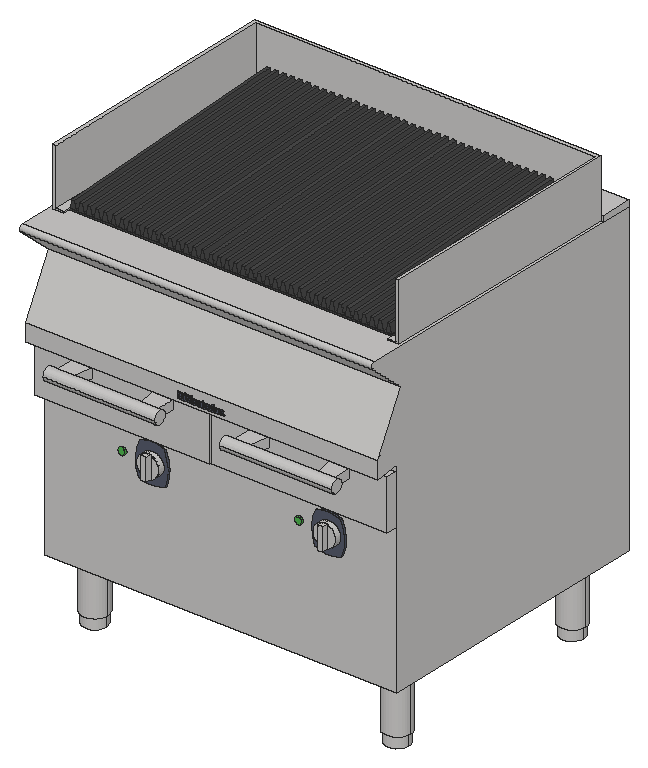
Revit family "QF_ELECTROLUXPROFESSIONAL_371242_E7GREHGCFU", category Specialty Equipment, Revit 2018 (continued)
Nested families
  nested 30: "371065_QF_Electrolux_GRILL" at (550.339, -76.2, 850.769), type "371065_QF_Electrolux_GRILL"
    with Type Mark "", Specification by User "", Revision Code "", Item Number "", Installed By "", Identify Quantity as Lot yes, Furnished By "", Foodservice Equipment Identifier yes
  nested 31: "371065_QF_Electrolux_GRILL" at (568.729, -76.2, 850.769), type "371065_QF_Electrolux_GRILL"
    with Type Mark "", Specification by User "", Revision Code "", Item Number "", Installed By "", Identify Quantity as Lot yes, Furnished By "", Foodservice Equipment Identifier yes
  nested 32: "371065_QF_Electrolux_GRILL" at (587.12, -76.2, 850.769), type "371065_QF_Electrolux_GRILL"
    with Type Mark "", Specification by User "", Revision Code "", Item Number "", Installed By "", Identify Quantity as Lot yes, Furnished By "", Foodservice Equipment Identifier yes
  nested 33: "371065_QF_Electrolux_GRILL" at (605.51, -76.2, 850.769), type "371065_QF_Electrolux_GRILL"
    with Type Mark "", Specification by User "", Revision Code "", Item Number "", Installed By "", Identify Quantity as Lot yes, Furnished By "", Foodservice Equipment Identifier yes
  nested 34: "371065_QF_Electrolux_GRILL" at (623.901, -76.2, 850.769), type "371065_QF_Electrolux_GRILL"
    with Type Mark "", Specification by User "", Revision Code "", Item Number "", Installed By "", Identify Quantity as Lot yes, Furnished By "", Foodservice Equipment Identifier yes
  nested 35: "371065_QF_Electrolux_GRILL" at (642.291, -76.2, 850.769), type "371065_QF_Electrolux_GRILL"
    with Type Mark "", Specification by User "", Revision Code "", Item Number "", Installed By "", Identify Quantity as Lot yes, Furnished By "", Foodservice Equipment Identifier yes
  nested 36: "371065_QF_Electrolux_GRILL" at (660.681, -76.2, 850.769), type "371065_QF_Electrolux_GRILL"
    with Type Mark "", Specification by User "", Revision Code "", Item Number "", Installed By "", Identify Quantity as Lot yes, Furnished By "", Foodservice Equipment Identifier yes
  nested 37: "371065_QF_Electrolux_GRILL" at (679.072, -76.2, 850.769), type "371065_QF_Electrolux_GRILL"
    with Type Mark "", Specification by User "", Revision Code "", Item Number "", Installed By "", Identify Quantity as Lot yes, Furnished By "", Foodservice Equipment Identifier yes
  nested 38: "371065_QF_Electrolux_GRILL" at (697.462, -76.2, 850.769), type "371065_QF_Electrolux_GRILL"
    with Type Mark "", Specification by User "", Revision Code "", Item Number "", Installed By "", Identify Quantity as Lot yes, Furnished By "", Foodservice Equipment Identifier yes
  nested 39: "371065_QF_Electrolux_GRILL" at (715.853, -76.2, 850.769), type "371065_QF_Electrolux_GRILL"
    with Type Mark "", Specification by User "", Revision Code "", Item Number "", Installed By "", Identify Quantity as Lot yes, Furnished By "", Foodservice Equipment Identifier yes
  nested 40: "371065_QF_Electrolux_GRILL" at (734.243, -76.2, 850.769), type "371065_QF_Electrolux_GRILL"
    with Type Mark "", Specification by User "", Revision Code "", Item Number "", Installed By "", Identify Quantity as Lot yes, Furnished By "", Foodservice Equipment Identifier yes
Connectors
  electrical at (757.238, -466.725, 150), driven by "Volts", driven by "Watts"
    settings: on Extrusion 7, index 1, voltage 400 V, apparent load 12000 VA, apparent load phase1 0 VA, apparent load phase2 0 VA, apparent load phase3 0 VA, power factor 1, load classification "Other", number of poles 1, system type 30, power factor state 1, is connector primary yes, connector utility no, sub classification motor no, connector description "Electrical Connection"
Definition of nested family "371065_QF_Electrolux_GRILL"
  Parameters
    Weight in Pounds = 0
    URL Cutsheet = ""
    URL = ""
    Type Mark [instance] = ""
    Specification by User [instance] = ""
    Specification by Manufacturer = ""
    Serial Number = ""
    Seismic Rating = ""
    SMACNA No = ""
    Revision Code [instance] = ""
    Omniclass Number and Title = ""
    NAFEM Spec ID Number = ""
    Model = ""
    Masterspec = ""
    Manufacturer = ""
    Item Number [instance] = ""
    Installed By [instance] = ""
    Identify Quantity as Lot [instance] = yes
    Furnished By [instance] = ""
    Foodservice Equipment Identifier [instance] = yes
    Description = ""
    CSI MasterFormat = ""
    CSI Master Format = ""
    Assembly Code = ""
  Reference planes
    plane 1 "BACK": y = 0
    plane 2: z = 0
    plane 3 "LEFT": x = 0
    plane 4 "RIGHT": x = 12.7
    plane 5 "FRONT": y = -553.21
    plane 6 "TOP": z = 19.576
    plane 7 "Center Y": x = 6.35
    plane 8 "Center X": y = -276.605
  Forms (mm)
    Extrusion 1, solid
      sketch origin (-1.421, -500.379, -5.797) x (1, 0, 0) y (0, -0.050999, 0.998699)
        loop
          line (1.421, 12.7) -> (14.121, 12.7) -> (11.081, 32.276) -> (4.46, 32.276) -> (1.421, 12.7)
      from 52.345 to -501.68
  Lines and regions (mm)
    symbolic lines
      curve 1: line (0, 0, 0) -> (12.7, 0, 0)
      curve 2: line (0, -553.304, 0) -> (0, 0, 0)
      curve 3: line (12.7, -553.304, 0) -> (0, -553.304, 0)
      curve 4: line (12.7, 0, 0) -> (12.7, -553.304, 0)
  Dimensions and locks
    equal spacing: plane 3 "LEFT", plane 7 "Center Y", plane 4 "RIGHT"
    plane 3 "LEFT" to plane 4 "RIGHT" = 12.7 mm
    equal spacing: plane 5 "FRONT", plane 8 "Center X", plane 1 "BACK"
    plane 5 "FRONT" to plane 1 "BACK" = 553.21 mm
    plane 6 "TOP" to level = 19.576 mm
    plane 1 "BACK" to plane 5 "FRONT" = 553.21 mm
    aligned and locked: level to plane 2
  Automatic sketch dimensions
    Extrusion 1 sketch curve to plane 3 "LEFT" = 0 mm
    Extrusion 1 sketch curve to plane 4 "RIGHT" = 0 mm
    plane 3 "LEFT" to Extrusion 1 sketch curve = 3.039 mm
    Extrusion 1 sketch curve to plane 4 "RIGHT" = 3.039 mm
    Extrusion 1 sketch curve to Extrusion 1 sketch curve = 19.576 mm
    curve 3 to plane 3 "LEFT" = 0 mm
    curve 3 to plane 4 "RIGHT" = 0 mm
    plane 1 "BACK" to curve 2 = 0 mm
    plane 5 "FRONT" to curve 4 = 0.094 mm
